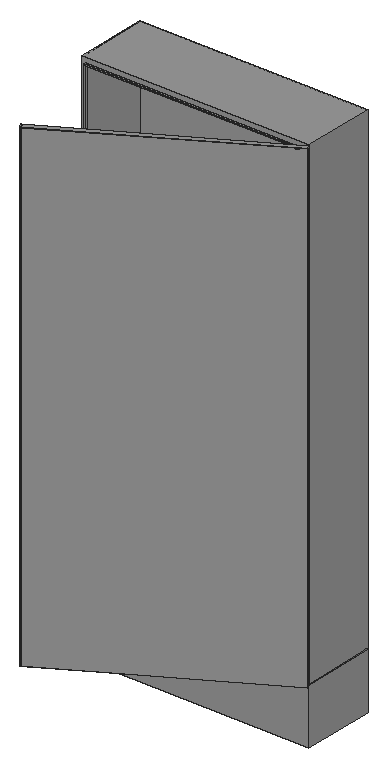
Revit family "Hager-Univers-IP55-D275-H1900-Cl.II-Steel_encl-NoHosted-PT-pt", category Electrical Equipment, Revit 2020
Family settings
  Panel Configuration = Two Columns, Circuits Across
  Round Connector Dimension = Use Diameter
  Part Type = Panelboard
  Work Plane-Based = Yes
  Always vertical = Yes
  Cut with Voids When Loaded = No
  Shared = No
  Room Calculation Point = No
Parameters (values of type "Instalação de piso IP55 L800 A1900 P275  - FR13S2")
  Width Control [instance] = if([EF000008 - Largura] > Min Width, [EF000008 - Largura], Min Width)  # 800 mm
  Type Comments = [HG000003 - Gama]  # "Univers"
  Thickness Door [instance] = if([EF009171 - Espessura do material da porta/tampa] > 3 mm, 3 mm, [EF009171 - Espessura do material da porta/tampa])  # 1.5 mm
  Seal Frame Offset [instance] = 17 mm  # constant formula
  Plinth Visibility [instance] = [HG000027 - Altura da Plinta] > 0 mm  # yes
  Min Width [instance] = 100 mm  # constant formula
  Min Depth [instance] = (2 * [EF009170 - Espessura do material do invólucro]) + 1 mm  # 4 mm
  Min Height [instance] = 100 mm  # constant formula
  Internal Frame Depth [instance] = (Door System Depth * 0.5)  # 9 mm
  Panel Name [instance] = ""  # (empty or 0)
  Model = ""
  HG000027 - Altura da Plinta = 200 mm
  HG000026 - Instalação no chão = yes
  HG000024 - Altura da secção inferior = 600 mm
  HG000023 - Recinto de secção dupla = no
  HG000016 - Visibilidade da porta 3D [instance] = yes
  HG000015 - Visibilidade através da porta [instance] = no
  HG000014 - Porta à direita [instance] = yes
  HG000013 - Porta à esquerda [instance] = not([HG000014 - Porta à direita])  # no
  HG000012 - Ângulo de abertura de porta [instance] = 30.00°
  HG000010 - Portas assimétricas = no
  HG000009 - Porta dupla = no
  HG000006 - Encastrado = no
  HG000004 - Referência do Fabricante = "FR13S2"
  HG000003 - Gama = "Univers"
  HG000002 - Com porta ou tampa = yes
  Frame Offset Bottom [instance] = 10 mm  # constant formula
  Frame Offset [instance] = 15 mm  # constant formula
  EF015940 - Tampa com libertação de sobrepressão = no
  EF011959 - Grau de proteção (NEMA) = ""
  EF009554 - Número de aberturas para placas de flange = 6
  EF009212 - Tipo de tampa = "EV000116 - Fechado"
  EF009171 - Espessura do material da porta/tampa = 1.5 mm
  EF009170 - Espessura do material do invólucro = 1.5 mm
  EF008873 - Corrente nominal (In) = 800 A
  EF007800 - Adequado para proteção contra raios = no
  EF006306 - Com fecho = no
  EF006244 - Tampa/porta transparente = no
  EF005474 - Grau de proteção (IP) = "EV006420 - IP55"
  EF004464 - Tipo de porta = "EV002646 - Único"
  EF004427 - Número de módulos = 396
  EF004293 - Força de impacto = "EV008784 - IK10"
  EF003532 - Adequado para uso no exterior = no
  EF002950 - Largura em número de módulos = 24
  EF001613 - Integridade do circuito = "EV000494 - Nenhum"
  EF001596 - Material do corpo = "EV000179 - Aço"
  EF001131 - Profundidade interior = 275 mm
  EF001088 - Extensão possível = yes
  EF000437 - Número de entradas de condutores = 6
  EF000339 - Tipo de difusor = "EV004216 - Porta"
  EF000266 - Número de linhas = 11
  EF000218 - Profundidade incorporada = 0 mm
  EF000118 - Com tampa de montagem = no
  EF000116 - Número RAL = "7035"
  EF000049 - Profundidade = 275 mm
  EF000040 - Altura = 1900 mm
  EF000008 - Largura = 800 mm
  EF000007 - Cor = "EV000270 - Cinzento"
  EF000003 - Método de montagem = "EV012274 - Instalação de piso"
  Door System Leaf Tolerance [instance] = 1.5 mm  # constant formula
  Door System Depth [instance] = 18 mm  # constant formula
  Door Height [instance] = Height Control - [HG000027 - Altura da Plinta]  # 1700 mm
  Description = ""
  Default Elevation = 1219.2 mm
  Connector Offset [instance] = Height Control / 2  # 950 mm
  Manufacturer = "Hager"  # constant formula
  Height Control [instance] = if([EF000040 - Altura] > Min Height, [EF000040 - Altura], Min Height)  # 1900 mm
  Depth Control [instance] = if([EF000049 - Profundidade] > Min Depth, [EF000049 - Profundidade], Min Depth)  # 275 mm
  Bottom Top Plate Trim [instance] = 1.5 mm  # constant formula
  Plinth height Ctrl [instance] = if([HG000027 - Altura da Plinta] > 0 mm, [HG000027 - Altura da Plinta], 12 mm)  # 200 mm
Types (5, lengths in mm): name | Width Control | HG000010 - Portas assimétricas | HG000009 - Porta dupla | HG000004 - Referência do Fabricante | EF009554 - Número de aberturas para placas de flange | EF004464 - Tipo de porta | EF004427 - Número de módulos | EF000437 - Número de entradas de condutores | EF000008 - Largura
  Instalação de piso IP55 L1050 A1900 P275  - FR14S2 | 1050 | yes | yes | "FR14S2" | 8 | "EV003602 - Duplo" | 528 | 8 | 1050
  Instalação de piso IP55 L1300 A1900 P275  - FR15S2 | 1300 | yes | yes | "FR15S2" | 10 | "EV003602 - Duplo" | 660 | 10 | 1300
  Instalação de piso IP55 L300 A1900 P275  - FR11S2 | 300 | no | no | "FR11S2" | 2 | "EV002646 - Único" | 132 | 2 | 300
  Instalação de piso IP55 L550 A1900 P275  - FR12S2 | 550 | no | no | "FR12S2" | 4 | "EV002646 - Único" | 264 | 4 | 550
  Instalação de piso IP55 L800 A1900 P275  - FR13S2 | 800 | no | no | "FR13S2" | 6 | "EV002646 - Único" | 396 | 6 | 800
Reference planes
  plane 1 "Center (Front/Back)": y = 0
  plane 2: z = 0
  plane 3 "Center (Left/Right)": x = 0
  plane 4: y = 0
  plane 5: y = 0
  plane 6: z = 0
  plane 7: x = -400
  plane 8: x = 400
  plane 9: x = 398.5
  plane 10: x = -398.5
  plane 11: z = 200
  plane 12: z = 201.5
  plane 13: y = -275
  plane 14: y = -1.5
  plane 15: x = 0
  plane 16: y = -257
  plane 17: y = -273.5
  plane 18: y = -255.5
  plane 19: x = -383.5
  plane 20: x = 383.5
  plane 21: z = 211.5
  plane 22: x = -383
  plane 23: x = 383
  plane 24: z = 200
  plane 25: z = 1900
  plane 26: z = 1900
  plane 27: z = 1883.5
  plane 28: z = 1898.5
Forms (mm)
  Extrusion 1, solid, material "Hager_Steel_RAL7035_Light_Grey", detail levels medium+fine
    sketch origin (-208.679, -4572, 200) x (-1, 0, 0) y (0, -1, 0)
      loop
        line (191.321, -4315) -> (-608.679, -4315) -> (-608.679, -4572) -> (191.321, -4572) -> (191.321, -4315)
    from 0 to 1700
  Extrusion 2, void
    sketch origin (-350.771, -275, 1219.2) x (1, 0, 0) y (0, 0, 1)
      loop
        line (-47.729, 679.3) -> (-47.729, -1017.7) -> (749.271, -1017.7) -> (749.271, 679.3) -> (-47.729, 679.3)
    from -19.5 to -273.5
  Extrusion 3, void
    sketch origin (-290.084, -257, 1219.2) x (1, 0, 0) y (0, 0, 1)
      loop
        line (-93.416, -1007.7) -> (673.584, -1007.7) -> (673.584, 664.3) -> (-93.416, 664.3) -> (-93.416, -1007.7)
    from 0 to -1.5
  Extrusion 4, solid, material "Hager_Steel_RAL7035_Light_Grey", visible <- "Plinth Visibility", detail levels medium+fine
    sketch origin (0, 0, 0) x (1, 0, 0) y (0, 1, 0)
      loop
        line (-400, 0) -> (-400, -257) -> (400, -257) -> (400, 0) -> (-400, 0)
    from 0 to 200 <- "Plinth height Ctrl"
  Extrusion 5, solid, material "Hager_Steel_RAL7035_Light_Grey", detail levels coarse
    sketch origin (0, 0, 0) x (1, 0, 0) y (0, 1, 0)
      loop
        line (-400, 0) -> (-400, -275) -> (400, -275) -> (400, 0) -> (-400, 0)
    from 0 to 1900 <- "Height Control"
  Sweep 6, void
    path in 3D
      loop
        line (-400, -257, 200) -> (400, -257, 200) -> (400, 0, 200) -> (-400, 0, 200) -> (-400, -257, 200)
    profile origin (-400, -128.5, 200) x (1, 0, 0) y (0, 0, 1)
      loop
        line (0, 0) -> (0, -1.5) -> (1.5, -1.5)
        arc (1.5, -1.5) -> (1.061, -0.439) -> (0, 0) r 1.5
  Extrusion 7, solid, material "Hager_Steel_RAL7035_Light_Grey", detail levels fine
    sketch origin (-400, -257, 200) x (1, 0, 0) y (0, 0, 1)
      loop
        line (16.5, 11.5) -> (783.5, 11.5) -> (783.5, 1683.5) -> (16.5, 1683.5) -> (16.5, 11.5)
      loop
        line (15, 10) -> (785, 10) -> (785, 1685) -> (15, 1685) -> (15, 10)
    from 0 to 9 <- "Internal Frame Depth"
Cuts and joins
  Extrusion 2, Extrusion 3 cuts Extrusion 1
  Sweep 6 cuts Extrusion 4
Lines and regions (mm)
  Masking region 1
    outline origin (0, 0, 0) x (1, 0, 0) y (0, 1, 0)
      loop
        line (-400, 0) -> (-400, -275) -> (400, -275) -> (400, 0) -> (-400, 0)
  Masking region 2, detail levels coarse
    outline origin (-290.084, -257, 1219.2) x (-1, 0, 0) y (0, 0, 1)
      loop
        line (-690.084, -1219.2) -> (109.916, -1219.2) -> (109.916, 680.8) -> (-690.084, 680.8) -> (-690.084, -1219.2)
  Masking region 3, detail levels coarse
    outline origin (0, 0, 0) x (0, 1, 0) y (0, 0, 1)
      loop
        line (0, 0) -> (0, 1900) -> (-275, 1900) -> (-275, 0) -> (0, 0)
  Masking region 4, visible <- "Plinth Visibility", detail levels medium+fine
    outline origin (0, 0, 0) x (0, 1, 0) y (0, 0, 1)
      loop
        line (-1.5, 200) -> (-255.5, 200)
        arc (-255.5, 200) -> (-255.939, 198.939) -> (-257, 198.5) r 1.5
        line (-257, 198.5) -> (-257, 0) -> (0, 0) -> (0, 198.5)
        arc (0, 198.5) -> (-1.061, 198.939) -> (-1.5, 200) r 1.5
  Masking region 5, detail levels medium+fine
    outline origin (0, 0, 594.038) x (0, 1, 0) y (0, 0, 1)
      loop
        line (0, -394.038) -> (0, 1305.962) -> (-257, 1305.962) -> (-257, -394.038) -> (0, -394.038)
  Masking region 6, detail levels medium+fine
    outline origin (-359.7, -257, 1211.883) x (-1, 0, 0) y (0, 0, 1)
      loop
        line (-759.7, -1011.883) -> (40.3, -1011.883) -> (40.3, 688.117) -> (-759.7, 688.117) -> (-759.7, -1011.883)
  Masking region 7, visible <- "Plinth Visibility", detail levels medium+fine
    outline origin (-320.334, -257, 1041.368) x (-1, 0, 0) y (0, 0, 1)
      loop
        line (-720.334, -1041.368) -> (79.666, -1041.368) -> (79.666, -842.868)
        arc (79.666, -842.868) -> (78.606, -842.429) -> (78.166, -841.368) r 1.5
        line (78.166, -841.368) -> (-718.834, -841.368)
        arc (-718.834, -841.368) -> (-719.273, -842.429) -> (-720.334, -842.868) r 1.5
        line (-720.334, -842.868) -> (-720.334, -1041.368)
  sketch lines
    curve 1: line (-400, 0, 200) -> (-400, -257, 200)
    curve 2: line (-400, -257, 200) -> (400, -257, 200)
    curve 3: line (400, 0, 200) -> (-400, 0, 200)
    curve 4: line (400, -257, 200) -> (400, 0, 200)
Dimensions and locks
  locked: plane 1 "Center (Front/Back)" to plane 5
  "EF009170 - Espessura do material do invólucro": plane 7 to plane 10
  "EF009170 - Espessura do material do invólucro": plane 8 to plane 9
  equal spacing: plane 7, plane 3 "Center (Left/Right)", plane 8
  "Width Control": plane 7 to plane 8
  "Depth Control": plane 4 to plane 13
  "EF009170 - Espessura do material do invólucro": plane 4 to plane 14
  "Height Control": plane 25 to level
  "HG000027 - Altura da Plinta": plane 11 to level
  "EF009170 - Espessura do material do invólucro": plane 12 to plane 11
  "EF009170 - Espessura do material do invólucro": plane 17 to plane 13
  "EF009170 - Espessura do material do invólucro": plane 18 to plane 16
  "Frame Offset Bottom": plane 21 to plane 12
  "Frame Offset": plane 10 to plane 19
  "Frame Offset": plane 9 to plane 20
  "Door System Depth": plane 16 to plane 13
  "Seal Frame Offset": plane 7 to plane 22
  "Seal Frame Offset": plane 8 to plane 23
  "EF009170 - Espessura do material do invólucro": plane 26 to plane 28
  "Frame Offset": plane 28 to plane 27
  "Connector Offset": plane 2 to connector elem
  "Bottom Top Plate Trim": profile plane to Sweep 6 sketch curve
  "Bottom Top Plate Trim": Sweep 6 sketch curve to Sweep 6 sketch curve
  "Plinth height Ctrl": Masking region 4 sketch curve to level
  "Plinth height Ctrl": Masking region 7 sketch curve to level
  "Thickness Door": Extrusion 7 sketch curve to Extrusion 7 sketch curve  (x4)
  "Bottom Top Plate Trim": radius of Sweep 6 sketch curve
  "Bottom Top Plate Trim": radius of Masking region 4 sketch curve  (x2)
  "Bottom Top Plate Trim": radius of Masking region 7 sketch curve  (x2)
  aligned and locked: Extrusion 2 sketch curve to plane 12
  aligned and locked: Extrusion 2 sketch curve to plane 9
  aligned and locked: Extrusion 2 sketch curve to plane 10
  aligned and locked: Extrusion 2 to plane 14
  aligned and locked: Extrusion 1 sketch curve to plane 4
  aligned and locked: plane 8 to Extrusion 1 sketch curve
  aligned and locked: plane 7 to Extrusion 1 sketch curve
  aligned and locked: Extrusion 2 to plane 18
  aligned and locked: Extrusion 3 sketch curve to plane 19
  aligned and locked: plane 20 to Extrusion 3 sketch curve
  aligned and locked: Extrusion 3 to Extrusion 2
  aligned and locked: Extrusion 3 sketch curve to plane 21
  aligned and locked: plane 3 "Center (Left/Right)" to nested 1
  aligned and locked: Extrusion 1 sketch curve to plane 16
  aligned and locked: Extrusion 4 sketch curve to cut or joined group of Extrusion 1, Extrusion 2, Extrusion 3
  aligned and locked: Masking region 1 sketch curve to plane 7
  aligned and locked: Masking region 1 sketch curve to plane 5
  aligned and locked: Masking region 1 sketch curve to plane 8
  aligned and locked: Masking region 2 sketch curve to level
  aligned and locked: level to Masking region 3 sketch curve
  aligned and locked: plane 1 "Center (Front/Back)" to Masking region 3 sketch curve
  aligned and locked: plane 13 to Masking region 3 sketch curve
  aligned and locked: plane 5 to Masking region 4 sketch curve
  aligned and locked: Masking region 2 sketch curve to plane 8
  aligned and locked: Masking region 2 sketch curve to plane 7
  aligned and locked: plane 7 to nested 2
  aligned and locked: nested 2 to plane 5
  aligned and locked: plane 5 to Masking region 5 sketch curve
  aligned and locked: plane 26 to Masking region 5 sketch curve
  aligned and locked: Extrusion 5 sketch curve to plane 8
  aligned and locked: Extrusion 5 sketch curve to plane 7
  aligned and locked: Extrusion 5 sketch curve to plane 5
  aligned and locked: Extrusion 3 sketch curve to plane 27
  aligned and locked: Extrusion 2 sketch curve to plane 28
  aligned and locked: Masking region 2 to plane 25
  aligned and locked: Extrusion 4 to plane 16
  aligned and locked: profile plane to Sweep 6 sketch curve
  aligned and locked: Masking region 5 sketch curve to plane 24
  aligned and locked: level to Masking region 4 sketch curve
  aligned and locked: Masking region 1 to plane 13
  aligned and locked: nested 1 to plane 16
  aligned and locked: Masking region 3 to plane 25
  aligned and locked: plane 16 to Masking region 4 sketch curve
  aligned and locked: Masking region 5 sketch curve to plane 16
  aligned and locked: plane 24 to plane 11
  aligned and locked: plane 26 to plane 25
  aligned and locked: plane 26 to cut or joined group of Extrusion 1, Extrusion 2, Extrusion 3
  aligned and locked: nested 1 to plane 24
  aligned and locked: Extrusion 1 to Extrusion 3
  aligned and locked: Masking region 6 sketch curve to plane 8
  aligned and locked: Masking region 6 sketch curve to plane 24
  aligned and locked: Masking region 6 sketch curve to plane 7
  aligned and locked: Masking region 6 sketch curve to plane 26
  aligned and locked: Masking region 7 sketch curve to plane 7
  aligned and locked: level to Masking region 7 sketch curve
  aligned and locked: Masking region 7 sketch curve to plane 8
  aligned and locked: Extrusion 7 sketch curve to cut or joined group of Extrusion 1, Extrusion 2, Extrusion 3  (x4)
Automatic sketch dimensions
  plane 19 to Extrusion 3 sketch curve = 0 mm
  Extrusion 3 sketch curve to plane 20 = 0 mm
  Extrusion 3 sketch curve to plane 21 = 0 mm
  Extrusion 4 sketch curve to plane 7 = 0 mm
  Extrusion 4 sketch curve to plane 8 = 0 mm
  Extrusion 4 sketch curve to plane 16 = 0 mm
  Masking region 1 sketch curve to plane 13 = 0 mm
  Masking region 2 sketch curve to plane 25 = 0 mm
  Masking region 3 sketch curve to plane 25 = 0 mm
  Extrusion 5 sketch curve to plane 13 = 0 mm
  profile plane to Sweep 6 sketch curve = 0 mm
Nested families
  nested 1: "EC000058_Univers_Door" at (0, -257, 200), Double <- "HG000009 - Porta dupla", Transparent <- "EF006244 - Tampa/porta transparente", Angle <- "HG000012 - Ângulo de abertura de porta", Door_Right <- "HG000014 - Porta à direita", Assymetrical <- "HG000010 - Portas assimétricas", Door <- "HG000002 - Com porta ou tampa", Width_Ctrl <- "Width Control", 3d_Door <- "HG000016 - Visibilidade da porta 3D", Clearance <- "HG000015 - Visibilidade através da porta", Door_Left <- "HG000013 - Porta à esquerda", Width <- "Width Control", Door_Depth <- "Door System Depth", Leaf_Tolerance <- "Door System Leaf Tolerance", Height <- "Door Height", Lock_Visibility <- "EF006306 - Com fecho", Thickness <- "Thickness Door", type "EC000058_Univers_Door", detail levels medium+fine
    with min_wh 4 mm, Width_Ctrl 800 mm, Width 800 mm, Transparent no, Thickness 1.5 mm, Seal_Material Hager_Rubber, Lock_Visibility no, Lock_Material Hager_Plastic_RAL9005_Jet_Black, Leaf_Width 800 mm, Leaf_Tolerance_External_Sides 0 mm, Leaf_Tolerance 1.5 mm, Leaf_Offset 0 mm, Leaf_Height 1697 mm, Leaf_2_Width 800 mm, Leaf_2_Offset 400 mm, Leaf_1_Width 800 mm, Leaf_1_Offset 400 mm, Height_Ctrl 1700 mm, Height 1700 mm, Glass_Material Hager_Glass, Double_Clearance_Ctrl no, Double no, Door_Right_Ctrl yes, Door_Right yes, Door_Material Hager_Steel_RAL7035_Light_Grey, Door_Left_Ctrl no, Door_Left no, Door_Depth 18 mm, Door yes, Clearance_Material Hager_Clearance, Clearance_Depth 800 mm, Clearance_Ctrl no, Clearance no, Assymetrical no, Angle 30.00°, 3d_Door yes
  nested 2: "Hager_Enclosure_Symbol" at (-400, 0, 0), Height <- "Depth Control", Width <- "Width Control", type "Hager_Enclosure_Symbol"
    with Width_Ctrl 800 mm, Width 800 mm, Height_Ctrl 275 mm, Height 275 mm, A_Width_Int 18.047 mm, A_Width 216.562 mm, A_Height_Ctrl 240.625 mm, A_Height 240.625 mm
Connectors
  electrical at (0, 0, 950)
    settings: on plane 1 "Center (Front/Back)", index 1, voltage 0 V, apparent load 0 VA, apparent load phase1 0 VA, apparent load phase2 0 VA, apparent load phase3 0 VA, power factor 1, load classification "Other", number of poles 1, system type 30, power factor state 1, is connector primary yes, connector utility no, sub classification motor no, connector description ""
Definition of nested family "EC000058_Univers_Door"
  Parameters (values of type "EC000058_Univers_Door")
    min_wh [instance] = (2 * Thickness) + 1 mm  # 11 mm
    Width_Ctrl [instance] = 400 mm
    Width [instance] = 500 mm
    Transparent [instance] = yes
    Thickness [instance] = 5 mm
    Seal_Material [instance] = none
    Lock_Visibility [instance] = yes
    Lock_Material [instance] = none
    Leaf_Width [instance] = if((Width_Ctrl - 2 * Leaf_Tolerance_External_Sides) > 0 mm, (Width_Ctrl - 2 * Leaf_Tolerance_External_Sides), min_wh)  # 400 mm
    Leaf_Tolerance_External_Sides [instance] = 0 mm  # constant formula
    Leaf_Tolerance [instance] = 1.5 mm
    Leaf_Offset [instance] = 0 mm  # constant formula
    Leaf_Height [instance] = if((Height_Ctrl - 2 * Leaf_Tolerance) > 0 mm, (Height_Ctrl - 2 * Leaf_Tolerance), min_wh)  # 497 mm
    Leaf_2_Width [instance] = if(and(and(Double, Assymetrical), Door_Left), (Leaf_Width / 3) - (Leaf_Tolerance / 2), if(and(and(Double, Assymetrical), Door_Right), (Leaf_Width / 3) * 2 - (Leaf_Tolerance / 2), if(and(Double, not(Assymetrical)), (Leaf_Width / 2) - Leaf_Tolerance, Leaf_Width)))  # 400 mm
    Leaf_2_Offset [instance] = if(and(Double, Assymetrical), Leaf_2_Width / 2, if(and(Double, not(Assymetrical)), Leaf_Width / 4, Leaf_Width / 2))  # 200 mm
    Leaf_1_Width [instance] = if(and(and(Double, Assymetrical), Door_Right), (Leaf_Width / 3) - (Leaf_Tolerance / 2), if(and(and(Double, Assymetrical), Door_Left), (Width / 3) * 2 - (Leaf_Tolerance / 2), if(and(Double, not(Assymetrical)), (Leaf_Width / 2) - Leaf_Tolerance, Leaf_Width)))  # 400 mm
    Leaf_1_Offset [instance] = if(and(Double, Assymetrical), Leaf_1_Width / 2, if(and(Double, not(Assymetrical)), Leaf_Width / 4, Leaf_Width / 2))  # 200 mm
    Height_Ctrl [instance] = if(Height > min_wh, Height, min_wh)  # 500 mm
    Height [instance] = 500 mm
    Glass_Material [instance] = none
    Double_Clearance_Ctrl [instance] = and(Double, Clearance)  # no
    Double [instance] = no
    Door_Right_Ctrl [instance] = and(or(Door_Right, Double), Door)  # yes
    Door_Right [instance] = yes
    Door_Material [instance] = none
    Door_Left_Ctrl [instance] = and(or(Door_Left, Double), Door)  # no
    Door_Left [instance] = no
    Door_Depth [instance] = 30 mm
    Door [instance] = yes
    Default Elevation = 1219.2 mm
    Clearance_Material [instance] = none
    Clearance_Depth [instance] = if(Leaf_1_Width > Leaf_2_Width, Leaf_1_Width, Leaf_2_Width)  # 400 mm
    Clearance_Ctrl [instance] = and(not(Double), Clearance)  # yes
    Clearance [instance] = yes
    Assymetrical [instance] = yes
    Angle [instance] = 30.00°
    3d_Door [instance] = yes
  Reference planes
    plane 1 "Center (Front/Back)": y = 0
    plane 2 "Bottom": z = 0
    plane 3 "Center (Left/Right)": x = 0
    plane 4: z = 500
    plane 5: x = -200
    plane 6: x = 200
    plane 7: z = 500
    plane 8: x = -200
    plane 9: z = 0
    plane 10: x = 200
    plane 11: y = 0
    plane 12: z = 1.5
    plane 13: x = -600
    plane 14: y = -400
    plane 15: x = 600
    plane 16: x = 0
    plane 17: x = 0
    plane 18: x = -200
    plane 19: x = 200
    plane 20: z = 498.5
  Forms (mm)
    Extrusion 1, solid, material <- "Clearance_Material", visible <- "Double_Clearance_Ctrl"
      sketch origin (1200, 0, 0) x (1, 0, 0) y (0, 0, -1)
        loop
          line (-1800, -498.5) -> (-600, -498.5) -> (-600, 0) -> (-1800, 0) -> (-1800, -498.5)
      from 0 to -400
  Dimensions and locks
    equal spacing: plane 5, plane 3 "Center (Left/Right)", plane 6
    "Width_Ctrl": plane 5 to plane 6
    "Leaf_Offset": plane 5 to plane 8
    "Leaf_Offset": plane 6 to plane 10
    "Leaf_Offset": plane 9 to level
    "Leaf_Offset": plane 4 to plane 7
    "Height_Ctrl": plane 4 to level
    "Leaf_Tolerance": plane 12 to plane 9
    locked: plane 11 to plane 1 "Center (Front/Back)"
    "Leaf_1_Offset": plane 18 to plane 16
    "Leaf_2_Offset": plane 17 to plane 19
    "Leaf_1_Width": plane 13 to plane 8
    "Leaf_2_Width": plane 10 to plane 15
    "Clearance_Depth": plane 14 to plane 1 "Center (Front/Back)"
    "Leaf_Tolerance_External_Sides": plane 8 to plane 18
    "Leaf_Tolerance_External_Sides": plane 19 to plane 10
    "Leaf_Tolerance": plane 7 to plane 20
    aligned and locked: level to plane 2 "Bottom"
    aligned and locked: nested 1 to plane 16
    aligned and locked: nested 2 to plane 17
    aligned and locked: Extrusion 1 to plane 13
    aligned and locked: plane 15 to Extrusion 1
    aligned and locked: Extrusion 1 to plane 14
    aligned and locked: plane 12 to nested 1
    aligned and locked: nested 2 to plane 12
    aligned and locked: Extrusion 1 to plane 11
    aligned and locked: plane 20 to Extrusion 1
    aligned and locked: nested 2 to plane 11
    aligned and locked: nested 1 to plane 11
  Automatic sketch dimensions
    Extrusion 1 sketch curve to level = 0 mm
    plane 5 to Extrusion 1 sketch curve = 400 mm
    plane 6 to Extrusion 1 sketch curve = 400 mm
    Extrusion 1 sketch curve to plane 4 = 1.5 mm
  Nested families
    nested 1: "EC000058_Univers_Door_Leaf" at (0, 0, 1.5), Width <- "Leaf_1_Width", visible <- "Door_Left_Ctrl", Leaf_Height <- "Leaf_Height", Angle <- "Angle", 3d_Door <- "3d_Door", Transparent <- "Transparent", Clearance Material <- "Clearance_Material", Clearance <- "Clearance_Ctrl", Door_Material <- "Door_Material", Glass_Material <- "Glass_Material", Door_Depth <- "Door_Depth", Lock_Material <- "Lock_Material", Seal_Material <- "Seal_Material", Lock_Visibility <- "Lock_Visibility", Thickness <- "Thickness", type "EC000058_Univers_Door_Leaf"
      with Width 400 mm, Transparent_Glass_Offset 30 mm, Transparent_Ctrl yes, Transparent yes, Thickness 5 mm, Standard no, Seal_Material none, Seal_D2 8 mm, Seal_D1 1 mm, Offset_Internal_Frame 10 mm, Lock_Width 20 mm, Lock_Visibility_3d yes, Lock_Visibility yes, Lock_Thickness_3 3 mm, Lock_Thickness_2 1 mm, Lock_Thickness_1 3 mm, Lock_Radius_Offset_2 16 mm, Lock_Radius_Offset_1 15 mm, Lock_Radius_2 5 mm, Lock_Radius 6 mm, Lock_Offset 5 mm, Lock_Material none, Lock_Height 80 mm, Lock_Cover_Top_Offset_2d 17 mm, Lock_Cover_Height -65 mm, Leaf_Height 497 mm, Internal_Seal_Thickness 8 mm, Internal_Seal_Depth_2 4.5 mm, Internal_Frame_Depth 25 mm, Glass_Thickness -1 mm, Glass_Offset -2 mm, Glass_Material none, Door_Material none, Door_Depth 30 mm, Clearance Material none, Clearance yes, Angle_Ctrl 30.00°, Angle 30.00°, 3d_Door yes
    nested 2: "EC000058_Univers_Door_Leaf" at (0, 0, 1.5) x (-1, 0, 0) z (0, 0, 1), Width <- "Leaf_2_Width", visible <- "Door_Right_Ctrl", Leaf_Height <- "Leaf_Height", Angle <- "Angle", 3d_Door <- "3d_Door", Transparent <- "Transparent", Clearance Material <- "Clearance_Material", Clearance <- "Clearance_Ctrl", Door_Material <- "Door_Material", Glass_Material <- "Glass_Material", Door_Depth <- "Door_Depth", Lock_Material <- "Lock_Material", Seal_Material <- "Seal_Material", Lock_Visibility <- "Lock_Visibility", Thickness <- "Thickness", type "EC000058_Univers_Door_Leaf"
      with Width 400 mm, Transparent_Glass_Offset 30 mm, Transparent_Ctrl yes, Transparent yes, Thickness 5 mm, Standard no, Seal_Material none, Seal_D2 8 mm, Seal_D1 1 mm, Offset_Internal_Frame 10 mm, Lock_Width 20 mm, Lock_Visibility_3d yes, Lock_Visibility yes, Lock_Thickness_3 3 mm, Lock_Thickness_2 1 mm, Lock_Thickness_1 3 mm, Lock_Radius_Offset_2 16 mm, Lock_Radius_Offset_1 15 mm, Lock_Radius_2 5 mm, Lock_Radius 6 mm, Lock_Offset 5 mm, Lock_Material none, Lock_Height 80 mm, Lock_Cover_Top_Offset_2d 17 mm, Lock_Cover_Height -65 mm, Leaf_Height 497 mm, Internal_Seal_Thickness 8 mm, Internal_Seal_Depth_2 4.5 mm, Internal_Frame_Depth 25 mm, Glass_Thickness -1 mm, Glass_Offset -2 mm, Glass_Material none, Door_Material none, Door_Depth 30 mm, Clearance Material none, Clearance yes, Angle_Ctrl 30.00°, Angle 30.00°, 3d_Door yes
  Definition of nested family "EC000058_Univers_Door_Leaf"
    Parameters (values of type "EC000058_Univers_Door_Leaf")
      Width [instance] = 2000 mm
      Transparent_Glass_Offset [instance] = 30 mm
      Transparent_Ctrl [instance] = and(Transparent, [3d_Door])  # yes
      Transparent [instance] = yes
      Thickness [instance] = 5 mm
      Standard [instance] = and(not(Transparent), [3d_Door])  # no
      Seal_Material [instance] = none
      Seal_D2 [instance] = 8 mm  # constant formula
      Seal_D1 [instance] = 1 mm  # constant formula
      Offset_Internal_Frame [instance] = 10 mm  # constant formula
      Lock_Width [instance] = 20 mm  # constant formula
      Lock_Visibility_3d [instance] = and(Lock_Visibility, [3d_Door])  # yes
      Lock_Visibility [instance] = yes
      Lock_Thickness_3 [instance] = 3 mm  # constant formula
      Lock_Thickness_2 [instance] = 1 mm  # constant formula
      Lock_Thickness_1 [instance] = 3 mm  # constant formula
      Lock_Radius_Offset_2 [instance] = Lock_Radius_Offset_1 + 1 mm  # 16 mm
      Lock_Radius_Offset_1 [instance] = 15 mm  # constant formula
      Lock_Radius_2 [instance] = Lock_Radius - 1 mm  # 5 mm
      Lock_Radius [instance] = 6 mm  # constant formula
      Lock_Offset [instance] = 5 mm  # constant formula
      Lock_Material [instance] = none
      Lock_Height [instance] = 80 mm  # constant formula
      Lock_Cover_Top_Offset_2d [instance] = Lock_Radius_Offset_2 + 1 mm  # 17 mm
      Lock_Cover_Height [instance] = -(Lock_Height - Lock_Radius_Offset_1)  # -65 mm
      Leaf_Height [instance] = 2720.336 mm
      Internal_Seal_Thickness [instance] = 8 mm  # constant formula
      Internal_Seal_Depth_2 [instance] = 4.5 mm  # constant formula
      Internal_Frame_Depth [instance] = if(Door_Depth - Thickness > 5 mm, Door_Depth - Thickness, 5 mm)  # 25 mm
      Glass_Thickness [instance] = if(Thickness > 15 mm, Glass_Offset + 10 mm, -1 mm)  # -1 mm
      Glass_Offset [instance] = if(Thickness > 15 mm, -(Thickness + 10 mm) / 2, -2 mm)  # -2 mm
      Glass_Material [instance] = none
      Door_Material [instance] = none
      Door_Depth [instance] = 30 mm
      Default Elevation = 0 mm
      Clearance Material [instance] = none
      Clearance [instance] = yes
      Angle_Ctrl [instance] = if(Angle > 180.00°, 180.00°, Angle)  # 90.00°
      Angle [instance] = 90.00°
      3d_Door [instance] = yes
    Reference planes
      plane 1 "Center (Front/Back)": y = 0
      plane 2: z = 0
      plane 3 "Center (Left/Right)": x = 0
      plane 4: y = 2000
      plane 5: x = -1000
      plane 6: x = 1000
      plane 7: x = -3000
      plane 8: z = 2720.336
      plane 9: z = 30
      plane 10: z = 2690.336
      plane 11: x = 970
      plane 12: x = -970
      plane 13: y = -3
      plane 14: z = 107.833
      plane 15: y = -5
      plane 16: y = -223.314
      plane 17: x = -1000
      plane 18: z = 1360.168
      plane 19: y = 30
    Forms (mm)
      Extrusion 1, solid, material <- "Clearance Material", visible <- "Clearance"
        sketch origin (0, 0, 0) x (1, 0, 0) y (0, 0, 1)
          loop
            line (-3000, 2720.336) -> (-3000, 0) -> (1000, 0) -> (1000, 2720.336) -> (-3000, 2720.336)
        from 0 to -2000
      Extrusion 2, solid, material <- "Door_Material", visible <- "Standard", detail levels medium+fine
        sketch origin (-1000, 0, 0) x (0, 1, 0) y (-1, 0, 0)
          loop
            line (0, 30) -> (0, 25) -> (2000, 25) -> (2000, 30) -> (0, 30)
        from 0 to 2720.336 <- "Leaf_Height"
      Extrusion 3, solid, material <- "Door_Material", visible <- "Transparent_Ctrl", detail levels medium+fine
        sketch origin (-1000, 0, 0) x (0, 1, 0) y (-1, 0, 0)
          loop
            line (0, 25) -> (2000, 25) -> (2000, 30) -> (0, 30) -> (0, 25)
        from 0 to 2720.336 <- "Leaf_Height"
      Extrusion 4, void
        sketch origin (-1025, 2000, 0) x (0, 1, 0) y (0, 0, -1)
          loop
            line (-30, -2690.336) -> (-30, -30) -> (-1970, -30) -> (-1970, -2690.336) -> (-30, -2690.336)
        from 0 to 5 <- "Thickness"
      Sweep 5, solid, material <- "Seal_Material", visible <- "Transparent_Ctrl", detail levels fine
        path in 3D
          loop
            line (-1025, 30, 30) -> (-1025, 30, 2690.336) -> (-1025, 1970, 2690.336) -> (-1025, 1970, 30) -> (-1025, 30, 30)
        profile origin (-1025, 1000, 30) x (1, 0, 0) y (0, 0, 1)
          loop
            line (0, 0) -> (0, -8) -> (1, -8) -> (1, 0) -> (0, 0)
      Extrusion 6, solid, material <- "Glass_Material", visible <- "Transparent_Ctrl", detail levels medium+fine
        sketch origin (-1030, 0, 0) x (0, 1, 0) y (0, 0, -1)
          loop
            line (1970, -2690.336) -> (1970, -30) -> (30, -30) -> (30, -2690.336) -> (1970, -2690.336)
        from -2 <- "Glass_Offset" to -1 <- "Glass_Thickness"
      Extrusion 7, solid, material <- "Door_Material", visible <- "3d_Door", detail levels medium+fine
        sketch origin (-1025, 2000, 0) x (0, -1, 0) y (0, 0, -1)
          loop
            line (0, -2720.336) -> (2000, -2720.336) -> (2000, 0) -> (0, 0) -> (0, -2720.336)
          loop
            line (1995, -5) -> (5, -5) -> (5, -2715.336) -> (1995, -2715.336) -> (1995, -5)
        from 0 to 25 <- "Internal_Frame_Depth"
      Sweep 8, solid, material <- "Seal_Material", visible <- "Transparent_Ctrl", detail levels fine
        path in 3D
          loop
            line (-1025, 0, 0) -> (-1025, 2000, 0) -> (-1025, 2000, 2720.336) -> (-1025, 0, 2720.336) -> (-1025, 0, 0)
        profile origin (-1025, 0, 1360.168) x (1, 0, 0) y (0, 1, 0)
          loop
            line (0, 10) -> (2.975, 10)
            arc (2.975, 10) -> (4.053, 10.447) -> (4.5, 11.525) r 1.525
            line (4.5, 11.525) -> (4.5, 16.527)
            arc (4.5, 16.527) -> (4.069, 17.569) -> (3.027, 18) r 1.473
            line (3.027, 18) -> (0, 18) -> (0, 10)
      Extrusion 9, solid, material <- "Lock_Material", visible <- "Lock_Visibility_3d", detail levels fine
        sketch origin (-1030, 0, 0) x (0, 1, 0) y (0, 0, -1)
          loop
            arc (1993.5, -1400.168) -> (1994.561, -1399.729) -> (1995, -1398.668) r 1.5
            line (1995, -1398.668) -> (1995, -1320.168) -> (1975, -1320.168) -> (1975, -1398.668)
            arc (1975, -1398.668) -> (1975.439, -1399.729) -> (1976.5, -1400.168) r 1.5
            line (1976.5, -1400.168) -> (1993.5, -1400.168)
        from 3 <- "Lock_Thickness_1" to 0
      Blend 10, solid, material <- "Lock_Material", visible <- "Lock_Visibility_3d", detail levels fine
        base sketch origin (-1033, 0, 0) x (0, 1, 0) y (0, 0, -1)
          loop
            line (1975, -1320.168) -> (1975, -1398.668)
            arc (1975, -1398.668) -> (1975.439, -1399.729) -> (1976.5, -1400.168) r 1.5
            line (1976.5, -1400.168) -> (1993.5, -1400.168)
            arc (1993.5, -1400.168) -> (1994.561, -1399.729) -> (1995, -1398.668) r 1.5
            line (1995, -1398.668) -> (1995, -1320.168) -> (1975, -1320.168)
        top sketch origin (-1033, 0, 0) x (0, 1, 0) y (0, 0, -1)
          loop
            line (1976, -1320.168) -> (1976, -1398.668)
            arc (1976, -1398.668) -> (1976.146, -1399.022) -> (1976.5, -1399.168) r 0.5
            line (1976.5, -1399.168) -> (1993.5, -1399.168)
            arc (1993.5, -1399.168) -> (1993.854, -1399.022) -> (1994, -1398.668) r 0.5
            line (1994, -1398.668) -> (1994, -1320.168) -> (1976, -1320.168)
        from 0 to 1 <- "Lock_Thickness_2"
      Blend 11, solid, material <- "Lock_Material", visible <- "Lock_Visibility_3d", detail levels fine
        base sketch origin (-1034, 0, 0) x (0, 1, 0) y (0, 0, -1)
          loop
            line (1978, -1320.168) -> (1978, -1384.168)
            arc (1978, -1384.168) -> (1985, -1391.168) -> (1992, -1384.168) r 7
            line (1992, -1384.168) -> (1992, -1320.168) -> (1978, -1320.168)
        top sketch origin (-1034, 0, 0) x (0, 1, 0) y (0, 0, -1)
          loop
            line (1991, -1320.168) -> (1979, -1320.168) -> (1979, -1383.168)
            arc (1979, -1383.168) -> (1985, -1389.168) -> (1991, -1383.168) r 6
            line (1991, -1383.168) -> (1991, -1320.168)
        from 0 to 3 <- "Lock_Thickness_3"
      Extrusion 12, solid, material <- "Lock_Material", visible <- "Lock_Visibility_3d", detail levels fine
        sketch origin (-1030, 1975, 1320.168) x (1, 0, 0) y (0, -1, 0)
          loop
            line (-7, -19) -> (-7, -1) -> (0, -1) -> (0, 0) -> (-8, 0) -> (-8, -20) -> (0, -20) -> (0, -19) -> (-7, -19)
        from 0 to -65 <- "Lock_Cover_Height"
      Extrusion 13, void
        sketch origin (-1038, 1995, 1320.168) x (-1, 0, 0) y (0, 0, -1)
          loop
            line (-5, -65) -> (0, -65) -> (-5, -60) -> (-5, -65)
        from 0 to 20 <- "Lock_Width"
      Extrusion 14, void
        sketch origin (-1038, 1975, 1320.168) x (0, -1, 0) y (0, 0, -1)
          loop
            circle (-10, -15.995) r 6
          loop
            circle (-10, -15.995) r 5
        from 0 to 2
      Extrusion 15, solid, material <- "Lock_Material", visible <- "Lock_Visibility_3d", detail levels medium
        sketch origin (-1030, 0, 0) x (0, 1, 0) y (0, 0, -1)
          loop
            arc (1993.5, -1400.168) -> (1994.561, -1399.729) -> (1995, -1398.668) r 1.5
            line (1995, -1398.668) -> (1995, -1320.168) -> (1975, -1320.168) -> (1975, -1398.668)
            arc (1975, -1398.668) -> (1975.439, -1399.729) -> (1976.5, -1400.168) r 1.5
            line (1976.5, -1400.168) -> (1993.5, -1400.168)
        from 8 to 0
    Cuts and joins
      Extrusion 4 cuts Extrusion 3
      Extrusion 13, Extrusion 14 cuts Extrusion 9
      Extrusion 14 cuts Blend 11
      Extrusion 13, Extrusion 14 cuts Extrusion 12
      joined: Extrusion 9, Blend 10, Blend 11, Extrusion 12
      Extrusion 14 cuts Extrusion 15
    Lines and regions (mm)
      Masking region 1, visible <- "Lock_Visibility", detail levels fine
        outline origin (0, 0, 0) x (0, 1, 0) y (0, 0, 1)
          loop
            line (30, 1320.168) -> (33, 1320.168) -> (33, 1400.168) -> (30, 1400.168) -> (30, 1320.168)
      Masking region 2, visible <- "Lock_Visibility", detail levels fine
        outline origin (0, 3.143, 0) x (0, 1, 0) y (0, 0, 1)
          loop
            line (29.857, 1354.168) -> (30.857, 1354.168) -> (30.857, 1366.168) -> (29.857, 1366.168) -> (29.857, 1354.168)
      Masking region 3, detail levels medium+fine
        outline origin (0, 0, 0) x (0, 1, 0) y (0, 0, 1)
          loop
            line (0, 0) -> (30, 0) -> (30, 2720.336) -> (0, 2720.336) -> (0, 0)
      Masking region 4, detail levels medium+fine
        outline origin (0, 0, 0) x (1, 0, 0) y (0, 0, 1)
          loop
            line (-1000, 2720.336) -> (-1000, 0) -> (1000, 0) -> (1000, 2720.336) -> (-1000, 2720.336)
      Masking region 5, visible <- "Lock_Visibility", detail levels fine
        outline origin (-47.116, 0, 0) x (1, 0, 0) y (0, 0, 1)
          loop
            arc (1024.616, 1399.168) -> (1023.556, 1398.729) -> (1023.116, 1397.668) r 1.5
            line (1023.116, 1397.668) -> (1023.116, 1320.168) -> (1041.116, 1320.168) -> (1041.116, 1397.668)
            arc (1041.116, 1397.668) -> (1040.677, 1398.729) -> (1039.616, 1399.168) r 1.5
            line (1039.616, 1399.168) -> (1024.616, 1399.168)
      Masking region 6, visible <- "Lock_Visibility", detail levels medium+fine
        outline origin (-25, 0, 0) x (1, 0, 0) y (0, 0, 1)
          loop
            arc (1001.5, 1400.168) -> (1000.439, 1399.729) -> (1000, 1398.668) r 1.5
            line (1000, 1398.668) -> (1000, 1320.168) -> (1020, 1320.168) -> (1020, 1398.668)
            arc (1020, 1398.668) -> (1019.561, 1399.729) -> (1018.5, 1400.168) r 1.5
            line (1018.5, 1400.168) -> (1001.5, 1400.168)
      Masking region 7, visible <- "Lock_Visibility", detail levels fine
        outline origin (-73.735, 0, 0) x (1, 0, 0) y (0, 0, 1)
          loop
            line (1051.735, 1382.168) -> (1065.735, 1382.168) -> (1065.735, 1384.168)
            arc (1065.735, 1384.168) -> (1058.735, 1391.168) -> (1051.735, 1384.168) r 7
            line (1051.735, 1384.168) -> (1051.735, 1382.168)
      Masking region 8, visible <- "Lock_Visibility", detail levels fine
        outline origin (-73.735, 0, 0) x (1, 0, 0) y (0, 0, 1)
          loop
            line (1052.735, 1382.168) -> (1064.735, 1382.168) -> (1064.735, 1383.168)
            arc (1064.735, 1383.168) -> (1058.735, 1389.168) -> (1052.735, 1383.168) r 6
            line (1052.735, 1383.168) -> (1052.735, 1382.168)
      Masking region 9, visible <- "Lock_Visibility", detail levels fine
        outline origin (-25, 0, 0) x (1, 0, 0) y (0, 0, 1)
          loop
            line (1020, 1320.168) -> (1020, 1382.168) -> (1000, 1382.168) -> (1000, 1320.168) -> (1020, 1320.168)
      Masking region 10, detail levels medium+fine
        outline origin (0, 0, 0) x (1, 0, 0) y (0, 0, 1)
          loop
            circle (985, 1335.144) r 6
      Masking region 11, detail levels fine
        outline origin (0, 0, 0) x (1, 0, 0) y (0, 0, 1)
          loop
            circle (985, 1335.144) r 5
      Masking region 12, visible <- "Lock_Visibility", detail levels fine
        outline origin (0, 12.767, 0) x (0, 1, 0) y (0, 0, 1)
          loop
            line (20.233, 1320.168) -> (21.233, 1320.168) -> (21.233, 1399.168) -> (20.233, 1400.168) -> (20.233, 1320.168)
      Masking region 13, visible <- "Lock_Visibility", detail levels fine
        outline origin (0, 13.767, -10) x (0, 1, 0) y (0, 0, 1)
          loop
            line (20.233, 1330.168) -> (23.233, 1330.168) -> (23.233, 1399.168) -> (20.233, 1402.168) -> (20.233, 1330.168)
      Masking region 14, visible <- "Lock_Visibility", detail levels fine
        outline origin (0, 12.767, -10) x (0, 1, 0) y (0, 0, 1)
          loop
            line (20.233, 1330.168) -> (25.233, 1330.168) -> (25.233, 1399.305) -> (20.233, 1394.305) -> (20.233, 1330.168)
      Masking region 15, visible <- "Lock_Visibility", detail levels medium
        outline origin (0, 0, 0) x (0, 1, 0) y (0, 0, 1)
          loop
            line (30, 1320.168) -> (38, 1320.168) -> (38, 1400.168) -> (30, 1400.168) -> (30, 1320.168)
      Masking region 16, visible <- "Lock_Visibility", detail levels fine
        outline origin (-1000, 0, 0) x (0, 1, 0) y (-1, 0, 0)
          loop
            line (1975, 30) -> (1995, 30) -> (1995, 38) -> (1975, 38) -> (1975, 30)
          loop
            line (1979, 37) -> (1976, 37) -> (1976, 34) -> (1978, 34) -> (1979, 37)
          loop
            line (1994, 37) -> (1991, 37) -> (1992, 34) -> (1994, 34) -> (1994, 37)
      Masking region 17, visible <- "Lock_Visibility", detail levels medium
        outline origin (-1000, 0, 0) x (0, 1, 0) y (-1, 0, 0)
          loop
            line (1975, 30) -> (1995, 30) -> (1995, 38) -> (1975, 38) -> (1975, 30)
      symbolic lines
        curve 1: line (1000, 0, 0) -> (-3000, 0, 0)
        curve 2: arc (1000, 0, 0) -> (-1000, 2000, 0) -> (-3000, 0, 0) r 2000
        curve 4: line (-1030, 0, 0) -> (-1030, 2000, 0)
      reference lines
        curve 3: line (-1000, 0, 0) -> (-1000, 2000, 0)
      symbolic lines, detail levels medium+fine
        curve 5: line (-1030, 2000, 0) -> (-1025, 2000, 0)
        curve 7: line (-1025, 0, 0) -> (-1030, 0, 0)
        curve 8: line (-1025, 0, 0) -> (-1000, 0, 0)
        curve 9: line (-1000, 0, 0) -> (-1000, 2000, 0)
        curve 10: line (-1000, 2000, 0) -> (-1025, 2000, 0)
      symbolic lines, detail levels fine
        curve 6: line (-1025, 2000, 0) -> (-1025, 0, 0)
      sketch lines
        curve 11: line (-1025, 0, 2720.336) -> (-1025, 0, 0)
        curve 12: line (-1025, 2000, 0) -> (-1025, 0, 0)
        curve 13: line (-1025, 2000, 2720.336) -> (-1025, 2000, 0)
        curve 14: line (-1025, 0, 2720.336) -> (-1025, 2000, 2720.336)
        curve 15: line (-1025, 1970, 30) -> (-1025, 30, 30)
        curve 16: line (-1025, 30, 30) -> (-1025, 30, 2690.336)
        curve 17: line (-1025, 1970, 2690.336) -> (-1025, 1970, 30)
        curve 18: line (-1025, 30, 2690.336) -> (-1025, 1970, 2690.336)
      symbolic lines, visible <- "Transparent", detail levels medium+fine
        curve 19: line (-970, 0, 2690.336) -> (970, 0, 2690.336)
        curve 20: line (-970, 0, 30) -> (-970, 0, 2690.336)
        curve 21: line (970, 0, 30) -> (-970, 0, 30)
        curve 22: line (970, 0, 2690.336) -> (970, 0, 30)
    Dimensions and locks
      "Width": plane 1 "Center (Front/Back)" to plane 4
      equal spacing: plane 5, plane 3 "Center (Left/Right)", plane 6
      "Width": plane 5 to plane 6
      "Width": plane 7 to plane 5
      "Leaf_Height": plane 8 to level
      "Width": curve 5 to curve 3
      "Width": curve 3 to curve 3
      plane 8 to plane 10 = 30 mm
      plane 9 to level = 30 mm
      plane 12 to plane 5 = 30 mm
      plane 6 to plane 11 = 30 mm
      Extrusion 1 to Extrusion 4 sketch curve = 30 mm
      "Transparent_Glass_Offset": curve 3 to Extrusion 4 sketch curve
      "Transparent_Glass_Offset": Extrusion 4 sketch curve to cut or joined group of Extrusion 3, Extrusion 4  (x2)
      cut or joined group of Extrusion 3, Extrusion 4 to Extrusion 6 sketch curve = 30 mm
      "Transparent_Glass_Offset": cut or joined group of Extrusion 3, Extrusion 4 to Extrusion 4 sketch curve
      "Thickness": curve 6 to curve 4
      "Thickness": Extrusion 7 sketch curve to Extrusion 7 sketch curve  (x4)
      "Door_Depth": curve 4 to curve 3
      "Offset_Internal_Frame": profile plane to Sweep 8 sketch curve
      "Internal_Seal_Thickness": Sweep 8 sketch curve to Sweep 8 sketch curve
      "Internal_Seal_Depth_2": profile plane to Sweep 8 sketch curve
      "Seal_D1": profile plane to Sweep 5 sketch curve
      "Seal_D2": profile plane to Sweep 5 sketch curve
      "Thickness": Extrusion 2 sketch curve to Extrusion 2 sketch curve
      equal spacing: Extrusion 9 sketch curve, plane 18, Extrusion 9 sketch curve  (x2)
      equal spacing: Masking region 1 sketch curve, plane 18, Masking region 1 sketch curve
      "Lock_Height": Masking region 1 sketch curve to Masking region 1 sketch curve
      "Lock_Radius": Masking region 2 sketch curve to plane 18 to Masking region 2 sketch curve
      Masking region 2 sketch curve to Masking region 1 = 1 mm
      "Door_Depth": plane 19 to plane 1 "Center (Front/Back)"
      "Lock_Thickness_1": Masking region 1 sketch curve to plane 19
      "Lock_Width": Extrusion 9 sketch curve to Extrusion 9 sketch curve
      "Lock_Height": Extrusion 9 sketch curve to Extrusion 9 sketch curve
      "Lock_Offset": cut or joined group of Extrusion 3, Extrusion 4 to Extrusion 9 sketch curve
      equal spacing: plane 8, plane 18, level
      "Lock_Radius_Offset_1": Blend 11 sketch curve to Blend 10
      locked: Blend 10 to Blend 11 sketch curve at 2  (x2)
      locked: var sketch to Blend 11 sketch curve at 1  (x2)
      "Lock_Radius_Offset_2": Blend 11 sketch curve to Blend 10
      locked: Extrusion 12 sketch curve to Extrusion 12 sketch curve at 1  (x3)
      Masking region 6 sketch curve to Masking region 6 sketch curve = 80 mm
      "Lock_Height": Masking region 6 sketch curve to Masking region 6 sketch curve
      "Lock_Width": Masking region 6 sketch curve to Masking region 6 sketch curve
      locked: Masking region 6 to Masking region 5 sketch curve at 1  (x3)
      locked: Masking region 5 to Masking region 7 sketch curve at 2  (x2)
      "Lock_Radius_Offset_1": Masking region 5 to Masking region 7 sketch curve
      "Lock_Radius_Offset_2": Masking region 5 to Masking region 8 sketch curve
      locked: Masking region 7 to Masking region 8 sketch curve at 1  (x2)
      "Lock_Cover_Top_Offset_2d": Masking region 5 to Masking region 9 sketch curve
      equal spacing: Masking region 9, Masking region 10 sketch curve, Masking region 9
      equal spacing: Masking region 9, Masking region 11 sketch curve, Masking region 9
      Extrusion 15 sketch curve to Extrusion 15 sketch curve = 80 mm
      "Lock_Width": Extrusion 15 sketch curve to Extrusion 15 sketch curve
      "Lock_Height": Extrusion 15 sketch curve to Extrusion 15 sketch curve
      equal spacing: Extrusion 15 sketch curve, plane 18, Extrusion 15 sketch curve
      "Lock_Thickness_3": Masking region 13 sketch curve to Masking region 13 sketch curve
      "Lock_Height": Masking region 12 sketch curve to Masking region 12 sketch curve
      locked: Masking region 13 sketch curve to Masking region 1 at 8
      locked: Masking region 14 sketch curve to Masking region 13 at 1
      locked: Masking region 14 sketch curve to Masking region 1 at 10.863
      "Lock_Height": Masking region 15 sketch curve to Masking region 15 sketch curve
      "Lock_Offset": Extrusion 15 sketch curve to cut or joined group of Extrusion 3, Extrusion 4
      "Lock_Offset": plane 6 to Masking region 6 sketch curve
      radius of Sweep 8 sketch curve = 1.525 mm
      radius of Sweep 8 sketch curve = 1.473 mm
      radius of Extrusion 9 sketch curve = 1.5 mm  (x2)
      "Lock_Radius": radius of Extrusion 14 sketch curve
      "Lock_Radius_2": radius of Extrusion 14 sketch curve
      "Lock_Radius": radius of Masking region 10 sketch curve
      "Lock_Radius_2": radius of Masking region 11 sketch curve
      radius of Extrusion 15 sketch curve = 1.5 mm  (x2)
      "Angle_Ctrl": angle plane 1 "Center (Front/Back)" to curve 3
      locked: Masking region 12 sketch curve to Masking region 12 sketch curve (angle 45.00°)
      locked: Masking region 13 sketch curve to Masking region 13 sketch curve (angle 45.00°)
      locked: Masking region 14 sketch curve to Masking region 14 sketch curve (angle 45.00°)
      aligned and locked: level to plane 2
      aligned and locked: Extrusion 1 to curve 1
      aligned and locked: plane 6 to Extrusion 1
      aligned and locked: Extrusion 1 to plane 1 "Center (Front/Back)"
      aligned and locked: plane 4 to Extrusion 1
      aligned and locked: plane 8 to Extrusion 1
      aligned and locked: curve 7 to Extrusion 2 sketch curve
      aligned and locked: curve 5 to Extrusion 2 sketch curve
      aligned and locked: curve 7 to Extrusion 3 sketch curve
      aligned and locked: Extrusion 3 sketch curve to curve 4
      aligned and locked: Extrusion 3 sketch curve to curve 6
      aligned and locked: Extrusion 3 sketch curve to curve 5
      aligned and locked: curve 9 to curve 3
      aligned and locked: Extrusion 7 sketch curve to cut or joined group of Extrusion 3, Extrusion 4  (x4)
      aligned and locked: plane 17 to curve 3
      aligned and locked: plane 1 "Center (Front/Back)" to curve 3
      aligned and locked: plane 17 to plane 5
      aligned and locked: Sweep 8 sketch curve to profile plane
      aligned and locked: Sweep 5 sketch curve to profile plane  (x2)
      aligned and locked: Masking region 1 to Masking region 2 sketch curve
      aligned and locked: plane 19 to Masking region 1 sketch curve
      aligned and locked: plane 1 "Center (Front/Back)" to Masking region 3 sketch curve
      aligned and locked: plane 19 to Masking region 3 sketch curve
      aligned and locked: level to Masking region 3 sketch curve
      aligned and locked: Masking region 3 sketch curve to plane 8
      aligned and locked: plane 17 to Masking region 4 sketch curve
      aligned and locked: level to Masking region 4 sketch curve
      aligned and locked: Masking region 4 sketch curve to plane 8
      aligned and locked: plane 12 to curve 20
      aligned and locked: plane 10 to curve 19
      aligned and locked: plane 11 to curve 22
      aligned and locked: curve 21 to plane 9
      aligned and locked: Extrusion 2 sketch curve to cut or joined group of Extrusion 3, Extrusion 4
      aligned and locked: Blend 10 sketch curve to Extrusion 9  (x4)
      aligned and locked: Extrusion 9 to Blend 10 sketch curve
      aligned and locked: Blend 10 to Blend 11 sketch curve
      aligned and locked: Extrusion 12 sketch curve to Blend 11
      aligned and locked: Extrusion 12 sketch curve to Extrusion 9  (x4)
      aligned and locked: Masking region 5 sketch curve to Masking region 6
      aligned and locked: Masking region 9 sketch curve to Masking region 6  (x3)
      aligned and locked: Masking region 12 sketch curve to Masking region 1
      aligned and locked: Masking region 13 sketch curve to Masking region 1
      aligned and locked: Masking region 12 to Masking region 14
      aligned and locked: Masking region 14 sketch curve to Masking region 1
      aligned and locked: Masking region 15 sketch curve to Masking region 14
      aligned and locked: Masking region 13 sketch curve to Masking region 12
      aligned and locked: Masking region 16 sketch curve to cut or joined group of Extrusion 14, Extrusion 15  (x4)
      aligned and locked: Masking region 16 sketch curve to cut or joined group of Extrusion 9, Blend 10, Blend 11, Extrusion 12, Extrusion 13, Extrusion 14  (x6)
      aligned and locked: cut or joined group of Extrusion 9, Blend 10, Blend 11, Extrusion 12, Extrusion 13, Extrusion 14 to Masking region 16 sketch curve
      aligned and locked: Masking region 17 sketch curve to cut or joined group of Extrusion 14, Extrusion 15  (x3)
      aligned and locked: Masking region 17 sketch curve to cut or joined group of Extrusion 9, Blend 10, Blend 11, Extrusion 12, Extrusion 13, Extrusion 14
      aligned and locked: Masking region 9 to Masking region 8 sketch curve
      aligned and locked: Masking region 9 to Masking region 7 sketch curve
    Automatic sketch dimensions
      plane 1 "Center (Front/Back)" to curve 2 = 0 mm
      curve 2 to plane 5 = 0 mm
      Extrusion 1 sketch curve to level = 0 mm
      Extrusion 1 sketch curve to plane 7 = 0 mm
      Extrusion 1 sketch curve to plane 6 = 0 mm
      Extrusion 1 sketch curve to plane 8 = 0 mm
      Extrusion 3 to Extrusion 6 sketch curve = 30 mm  (x4)
      Masking region 4 sketch curve to plane 6 = 0 mm
      Blend 10 sketch curve to Extrusion 9 = 1.5 mm
      Blend 10 sketch curve to Extrusion 9 = 1 mm
      Extrusion 13 sketch curve to Extrusion 12 = 0 mm  (x2)
      Extrusion 12 to Extrusion 13 sketch curve = 3 mm
      Extrusion 13 sketch curve to Extrusion 12 = 5 mm
      Extrusion 14 sketch curve to Extrusion 14 sketch curve = 0 mm  (x2)
      Extrusion 14 sketch curve to Extrusion 12 = 10 mm
      Extrusion 14 sketch curve to Extrusion 12 = 15.995 mm
      Masking region 5 sketch curve to Masking region 5 sketch curve = 1.5 mm  (x2)
      Masking region 10 sketch curve to plane 18 = 25.024 mm
      Masking region 11 sketch curve to plane 18 = 25.024 mm
      plane 19 to Masking region 14 sketch curve = 3 mm
      Masking region 16 sketch curve to Masking region 16 sketch curve = 3 mm
      curve 4 to curve 3 = 0 mm
      Blend 10 to Blend 11 sketch curve = 0 mm
      Masking region 6 sketch curve to Masking region 6 sketch curve = 1.5 mm  (x2)
      Masking region 6 sketch curve to plane 18 = 40 mm
      plane 19 to Masking region 12 sketch curve = 3 mm
      Masking region 12 sketch curve to Masking region 12 sketch curve = 1 mm
      Masking region 15 sketch curve to plane 19 = 0 mm
      Masking region 15 sketch curve to plane 18 = 40 mm
      radius of Blend 10 sketch curve to Extrusion 9 = 1 mm
Definition of nested family "Hager_Enclosure_Symbol"
  Parameters (values of type "Hager_Enclosure_Symbol")
    Width_Ctrl [instance] = if(Width > 1 mm, Width, 1 mm)  # 102.27 mm
    Width [instance] = 102.27 mm
    Height_Ctrl [instance] = if(Height > 1 mm, Height, 1 mm)  # 66.5 mm
    A_Width_Int [instance] = if(A_Width / 12 > 2 mm, A_Width / 12, 2 mm)  # 4.364 mm
    A_Width [instance] = if(A_Height_Ctrl * 0.9 > 2 mm, A_Height_Ctrl * 0.9, 2 mm)  # 52.369 mm
    A_Height_Ctrl [instance] = if(A_Height > 2 mm, A_Height, 2 mm)  # 58.188 mm
    Height [instance] = 66.5 mm
    A_Height [instance] = Height - (Height / 8)  # 58.188 mm
  Reference planes
    plane 1 "Centre (avant/arrière)": y = 0
    plane 2: z = 0
    plane 3 "Centre (gauche/droite)": x = 0
    plane 4: x = 52.369
    plane 5: y = 33.042
    plane 6: y = 41.77
    plane 7: y = 66.5
    plane 8: x = 26.184
    plane 9: y = 37.406
    plane 10: x = 102.27
    plane 11: y = 66.5
    plane 12: y = 8.313
  Lines and regions (mm)
    Filled region 1, type "Solid_Black", in view "Niveau de réf."
      outline origin (0, 0, 0) x (1, 0, 0) y (0, 1, 0)
        loop
          line (52.369, 66.5) -> (33.188, 54.536) -> (45.365, 45.006) -> (52.369, 66.5)
    Filled region 2, type "Solid_Black", in view "Niveau de réf."
      outline origin (0, 0, 0) x (1, 0, 0) y (0, 1, 0)
        loop
          line (0, 0) -> (102.27, 0) -> (102.27, 66.5) -> (0, 0)
    detail lines, in view "Niveau de réf."
      curve 1: line (0, 8.313, 0) -> (26.184, 41.77, 0)
      curve 2: line (26.184, 41.77, 0) -> (26.184, 33.042, 0)
      curve 3: line (26.184, 33.042, 0) -> (52.369, 66.5, 0)
  Dimensions and locks
    "A_Width": plane 3 "Centre (gauche/droite)" to plane 4
    equal spacing: plane 3 "Centre (gauche/droite)", plane 8, plane 4
    equal spacing: plane 6, plane 9, plane 5
    equal spacing: curve 3, Filled region 1 sketch curve, Filled region 1 sketch curve
    "Height_Ctrl": plane 1 "Centre (avant/arrière)" to plane 11
    "A_Height_Ctrl": plane 11 to plane 12
    equal spacing: plane 11, plane 9, plane 12
    "A_Width_Int": plane 6 to plane 9
    "Width_Ctrl": plane 3 "Centre (gauche/droite)" to plane 10
    angle Filled region 1 sketch curve to curve 3 = 20.00°
    angle curve 3 to Filled region 1 sketch curve = 20.00°
    locked: curve 3 to Filled region 1 sketch curve (angle 90.00°)
    aligned and locked: plane 10 to Filled region 2
    aligned and locked: plane 11 to Filled region 2 sketch curve
    aligned and locked: plane 10 to Filled region 2 sketch curve
    aligned and locked: plane 3 "Centre (gauche/droite)" to curve 1
    aligned and locked: plane 12 to curve 1
    aligned and locked: plane 7 to plane 11
  Automatic sketch dimensions
    Filled region 1 sketch curve to plane 4 = 0 mm
    Filled region 1 sketch curve to plane 7 = 0 mm
    plane 1 "Centre (avant/arrière)" to Filled region 2 sketch curve = 0 mm
    Filled region 2 sketch curve to plane 3 "Centre (gauche/droite)" = 0 mm
    curve 2 to plane 6 = 0 mm
    curve 2 to plane 8 = 0 mm
    curve 3 to plane 4 = 0 mm
    curve 2 to plane 5 = 0 mm
    curve 3 to plane 7 = 0 mm
